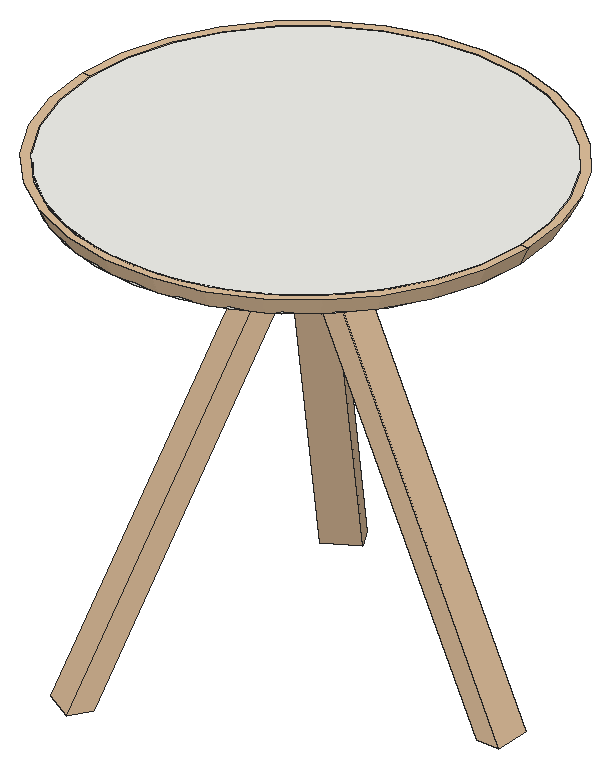
Revit family
Parameters (values of type "500mm Diameter")
  Keynote = "N"
  Assembly Code = ""
  Material Frame = Wood - Birch
  Material Top = Laminate - Ivory, Matte
Reference planes
  plane 1 "Center F/B": y = 0
  plane 2: z = 0
  plane 3 "Center L/R": x = 0
  plane 4: y = 241.3
  plane 5: y = 250.825
  plane 6: x = 254
  plane 7: x = -254
Forms (mm)
  Extrusion 1, solid, material "Laminate - Ivory, Matte" <- "Material Top"
    sketch origin (0, 0, 0) x (1, 0, 0) y (0, 1, 0)
      loop
        circle (0, 0) r 241.3
    from 482.6 to 501.65
  Sweep 2, solid, material "Wood - Birch" <- "Material Frame"
    path origin (0, 0, 0) x (1, 0, 0) y (0, 1, 0)
      loop
        circle (0, 0) r 241.3
    profile origin (0, 0, 0) x (0, -1, 0) y (0, 0, 1)
      loop
        line (-241.3, 482.6) -> (-241.3, 501.65) -> (-250.825, 501.65) -> (-241.3, 482.6)
  Extrusion 3, solid, material "Wood - Birch" <- "Material Frame"
    sketch origin (0, 0, 0) x (1, 0, 0) y (0, 0, 1)
      loop
        arc (101.6, 482.6) -> (37.334, 447.342) -> (32.539, 374.196) r 76.2
        line (32.539, 374.196) -> (207.03, 0) -> (232.375, 0) -> (52.879, 384.931)
        arc (52.879, 384.931) -> (56.075, 433.695) -> (98.92, 457.2) r 50.8
        line (98.92, 457.2) -> (154.831, 457.2) -> (154.831, 482.6) -> (101.6, 482.6)
    from -19.05 to 19.05
  Extrusion 4, solid, material "Wood - Birch" <- "Material Frame"
    sketch origin (0, 0, 0) x (-0.5, 0.866025, 0) y (0, 0, 1)
      loop
        arc (101.6, 482.6) -> (37.334, 447.342) -> (32.539, 374.196) r 76.2
        line (32.539, 374.196) -> (207.03, 0) -> (232.375, 0) -> (52.879, 384.931)
        arc (52.879, 384.931) -> (56.075, 433.695) -> (98.92, 457.2) r 50.8
        line (98.92, 457.2) -> (154.831, 457.2) -> (154.831, 482.6) -> (101.6, 482.6)
    from -19.05 to 19.05
  Extrusion 5, solid, material "Wood - Birch" <- "Material Frame"
    sketch origin (0, 0, 0) x (-0.5, -0.866025, 0) y (0, 0, 1)
      loop
        arc (101.6, 482.6) -> (37.334, 447.342) -> (32.539, 374.196) r 76.2
        line (32.539, 374.196) -> (207.03, 0) -> (232.375, 0) -> (52.879, 384.931)
        arc (52.879, 384.931) -> (56.075, 433.695) -> (98.92, 457.2) r 50.8
        line (98.92, 457.2) -> (154.831, 457.2) -> (154.831, 482.6) -> (101.6, 482.6)
    from -19.05 to 19.05
  Extrusion 6, solid, material "Wood - Birch" <- "Material Frame"
    sketch origin (0, 0, 0) x (1, 0, 0) y (0, 1, 0)
      loop
        circle (0, 0) r 31.787
    from 381 to 431.8
Lines and regions (mm)
  Masking region 1
    outline origin (0, 0, 0) x (1, 0, 0) y (0, 1, 0)
      loop
        circle (0, 0) r 250.825
  model lines
    curve 1: line (232.375, 0, 0) -> (52.879, 0, 384.931)
    curve 2: line (98.92, 0, 457.2) -> (154.831, 0, 457.2)
    curve 3: arc (98.92, 0, 457.2) -> (56.075, 0, 433.695) -> (52.879, 0, 384.931) r 50.8
    curve 4: line (154.831, 0, 457.2) -> (154.831, 0, 482.6)
    curve 5: line (101.6, 0, 482.6) -> (154.831, 0, 482.6)
    curve 6: line (207.03, 0, 0) -> (32.539, 0, 374.196)
    curve 7: arc (101.6, 0, 482.6) -> (37.334, 0, 447.342) -> (32.539, 0, 374.196) r 76.2
    curve 8: line (232.375, 0, 0) -> (207.03, 0, 0)
  model lines, not visible
    curve 9: line (232.375, 0, 0) -> (52.879, 0, 384.931)
    curve 10: line (98.92, 0, 457.2) -> (154.831, 0, 457.2)
    curve 11: line (154.831, 0, 457.2) -> (154.831, 0, 482.6)
    curve 12: line (101.6, 0, 482.6) -> (154.831, 0, 482.6)
    curve 13: arc (101.6, 0, 482.6) -> (37.334, 0, 447.342) -> (32.539, 0, 374.196) r 76.2
    curve 14: line (232.375, 0, 0) -> (207.03, 0, 0)
Dimensions and locks
  plane 5 to plane 4 = 9.525 mm
  aligned: Masking region 1 sketch curve to Sweep 2
